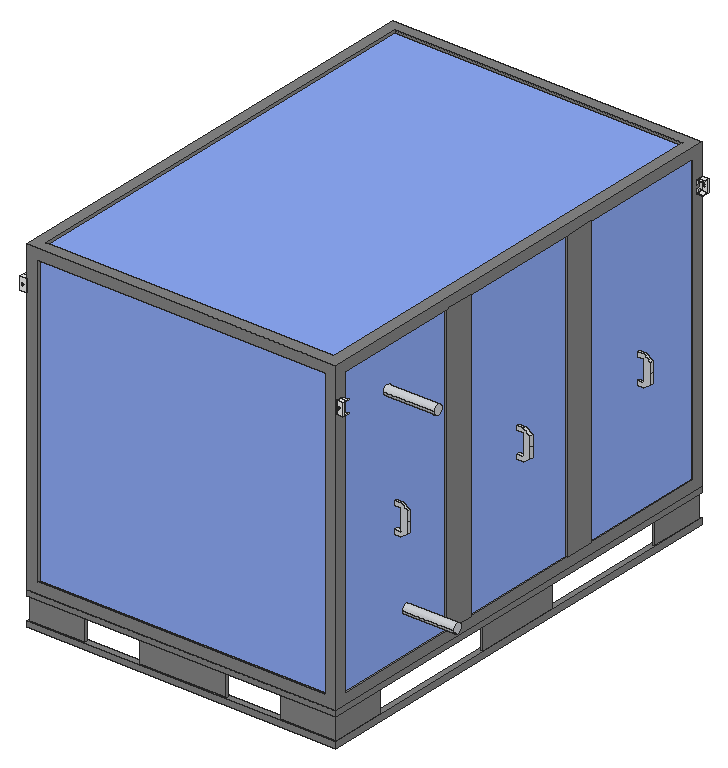
Revit family "26 Секция фильтра с водонагревателем ANR N5", category Оборудование, Revit 2016
Family settings
  Тип детали = Нормальный
  Размер круглого соединителя = Использовать диаметр
  На основе рабочей плоскости = Нет
  Всегда вертикально = Да
  При загрузке вырезать с полостями = Нет
  Общий = Нет
  Точка расчета площади = Нет
Parameters (values of type "ANR 6 N5")
  №8 = no
  №7 = no
  №6 = yes
  №45 = no
  №40 = no
  №35 = no
  №30 = no
  №25 = no
  №20 = no
  №12 = no
  Ширина = А - 75 mm  # 1025 mm
  Синий = Синий
  Середина = h + Б1 / 2  # 670 mm
  Резьбовое соединение, дюймы = "G1 1/4\""
  Размер В = 735 mm
  Д3 = Д1 / 6  # 267.5 mm
  Д2 = Д1 / 3  # 535 mm
  Д1 = Д - 20 mm  # 1605 mm
  Д = 1625 mm  # constant formula
  ножки(да/нет) [instance] = no
  Г = 85 mm
  Высота = Б - 75 mm  # 1025 mm
  Б1 = Б - 20 mm  # 1080 mm
  А1 = А - 20 mm  # 1080 mm
  А = 1100 mm
  высота ножек = 120 mm
  Б = 1100 mm
  Частотный преобразователь [instance] = no
  Частота вращения n, об/мин = ""
  Тип, марка, обозначение = "ANR 6 N5"
  Сила тока J, А = ""
  Регулятор расхода [instance] = no
  Раздел = "ОВ"
  Примечание = ""
  Позиция = ""
  Напряжение U,В = ""
  Наименование и тех.хар-ка = "Секция фильтрования EU5 и водяного нагрева"  # constant formula
  Мощность двигателя N,Вт = ""
  Материал = Сталь серая
  Масса единицы = ""
  Код, оборудования = ""
  Ключевая пометка = "Вентиляция"
  Задание электрикам [instance] = no
  Задание автоматчикам [instance] = no
  Завод изготовитель = "KORF"  # constant formula
  Единица измерения = "шт."  # constant formula
  h = высота ножек + 10 mm  # 130 mm
  d = 31.8 mm
Types (10, lengths in mm): name | №8 | №7 | №6 | №45 | №40 | №35 | №30 | №25 | №20 | №12 | Ширина | Середина | Резьбовое соединение, дюймы | Размер В | Г | Высота | Б1 | А1 | А | Б | Тип, марка, обозначение | d
  ANR 6 N5 | no | no | yes | no | no | no | no | no | no | no | 1025 | 670 | "G1 1/4\"" | 735 | 85 | 1025 | 1080 | 1080 | 1100 | 1100 | "ANR 6 N5" | 31.8
  ANR 7 N5 | no | yes | no | no | no | no | no | no | no | no | 1025 | 780 | "G1 1/2\"" | 985 | 85 | 1245 | 1300 | 1080 | 1100 | 1320 | "ANR 7 N5" | 38.1
  ANR 8 N5 | yes | no | no | no | no | no | no | no | no | no | 1245 | 780 | "G1 1/2\"" | 985 | 85 | 1245 | 1300 | 1300 | 1320 | 1320 | "ANR 8 N5" | 38.1
  ANR 12 N5 | no | no | no | no | no | no | no | no | no | yes | 1360 | 837.5 | "G2\"" | 1060 | 85 | 1360 | 1415 | 1415 | 1435 | 1435 | "ANR 12 N5" | 50.8
  ANR 20 N5 | no | no | no | no | no | no | no | no | yes | no | 1585 | 950 | "G2\"" | 1355 | 85 | 1585 | 1640 | 1640 | 1660 | 1660 | "ANR 20 N5" | 50.8
  ANR 25 N5 | no | no | no | no | no | no | no | yes | no | no | 1970 | 1142.5 | "G2 1/2\"" | 1740 | 85 | 1970 | 2025 | 2025 | 2045 | 2045 | "ANR 25 N5" | 63.5
  ANR 30 N5 | no | no | no | no | no | no | yes | no | no | no | 2410 | 1142.5 | "G2 1/2\"" | 1685 | 100 | 1970 | 2025 | 2465 | 2485 | 2045 | "ANR 30 N5" | 63.5
  ANR 35 N5 | no | no | no | no | no | yes | no | no | no | no | 2410 | 1362.5 | "G3\"" | 2125 | 125 | 2410 | 2465 | 2465 | 2485 | 2485 | "ANR 35 N5" | 76.2
  ANR 40 N5 | no | no | no | no | yes | no | no | no | no | no | 3245 | 1780 | "G4\"" | 1355 | 100 | 3245 | 3300 | 3300 | 3320 | 3320 | "ANR 40 N5" | 101.6
  ANR 45 N5 | no | no | no | yes | no | no | no | no | no | no | 3245 | 2165 | "G4\"" | 1740 | 125 | 4015 | 4070 | 3300 | 3320 | 4090 | "ANR 45 N5" | 101.6
Reference planes
  plane 1 "По центру (Вперед/Назад)": y = 0
  plane 2: z = 0
  plane 3 "По центру (Влево/Вправо)": x = 0
  plane 4: x = -540
  plane 5: x = 540
  plane 6: y = 802.5
  plane 7: y = -802.5
  plane 8: z = 1210
  plane 9: z = 130
  plane 10: y = -152
  plane 11: z = 670
  plane 12: z = 1110
  plane 13: x = 574.5
  plane 14: x = 590
  plane 15: z = 1220
  plane 16: z = 1037.5
  plane 17: z = 302.5
  plane 18: x = 725
  plane 19: y = -577.5
  plane 20: y = -492.5
  plane 21: y = -267.5
  plane 22: y = 267.5
  plane 23: y = -215.5
  plane 24: y = -319.474
  plane 25: y = 215.5
  plane 26: y = 319.5
  plane 27: y = 535
  plane 28: y = -535
  plane 29: x = 550
Forms (mm)
  Extrusion 1, solid, material "Синий" <- "Синий", detail levels fine
    sketch origin (0, 0, 50) x (1, 0, 0) y (0, 1, 0)
      loop
        line (-540, 802.5) -> (-540, -802.5) -> (540, -802.5) -> (540, 802.5) -> (-540, 802.5)
    from 80 to 1160
  Sweep 2, solid, material "Сталь серая" <- "Материал", detail levels fine
    path origin (540, -802.5, 50) x (-1, 0, 0) y (0, 0, -1)
      loop
        line (0, -1160) -> (1080, -1160) -> (1080, -80) -> (0, -80) -> (0, -1160)
    profile "Профиль уголок 10х10 : Профиль уголок 10х10" origin (0, -802.5, 1210) x (0, 0, -1) y (0, -1, 0)
      loop
        line (0, -27.5) -> (0, 0) -> (27.5, 0) -> (27.5, 10) -> (-10, 10) -> (-10, -27.5) -> (0, -27.5)
  Sweep 3, solid, material "Сталь серая" <- "Материал", detail levels fine
    path origin (-540, 802.5, 50) x (1, 0, 0) y (0, 0, -1)
      loop
        line (0, -1160) -> (1080, -1160) -> (1080, -80) -> (0, -80) -> (0, -1160)
    profile "Профиль уголок 10х10 : Профиль уголок 10х10" origin (0, 802.5, 1210) x (0, 0, -1) y (0, 1, 0)
      loop
        line (0, -27.5) -> (0, 0) -> (27.5, 0) -> (27.5, 10) -> (-10, 10) -> (-10, -27.5) -> (0, -27.5)
  Sweep 4, solid, material "Сталь серая" <- "Материал", detail levels fine
    path origin (540, 802.5, 50) x (0, -1, 0) y (0, 0, -1)
      loop
        line (0, -1160) -> (1605, -1160) -> (1605, -80) -> (0, -80) -> (0, -1160)
    profile "Профиль уголок 10х10 : Профиль уголок 10х10" origin (540, 0, 1210) x (0, 0, -1) y (1, 0, 0)
      loop
        line (0, -27.5) -> (0, 0) -> (27.5, 0) -> (27.5, 10) -> (-10, 10) -> (-10, -27.5) -> (0, -27.5)
  Sweep 5, solid, material "Сталь серая" <- "Материал", detail levels fine
    path origin (-540, -802.5, 50) x (0, 1, 0) y (0, 0, -1)
      loop
        line (0, -1160) -> (1605, -1160) -> (1605, -80) -> (0, -80) -> (0, -1160)
    profile "Профиль уголок 10х10 : Профиль уголок 10х10" origin (-540, 0, 1210) x (0, 0, -1) y (-1, 0, 0)
      loop
        line (0, -27.5) -> (0, 0) -> (27.5, 0) -> (27.5, 10) -> (-10, 10) -> (-10, -27.5) -> (0, -27.5)
  Extrusion 6, void, not visible
    sketch origin (-345, -245, 50) x (0, -1, 0) y (0, 0, -1)
      loop
        line (-477.965, -475) -> (-477.965, -450) -> (-528.913, -450) -> (-528.913, -475) -> (-477.965, -475)
    from -47.452 to 12
  Sweep 7, solid, material "Сталь серая" <- "Материал", detail levels fine
    path origin (0, 0, 0) x (1, 0, 0) y (0, 1, 0)
      loop
        line (-540, 802.5) -> (-540, -802.5) -> (540, -802.5) -> (540, 802.5) -> (-540, 802.5)
    profile "Семейство1 : Семейство1" origin (0, 802.5, 0) x (0, 1, 0) y (0, 0, 1)
      loop
        line (-10, 120) -> (-10, 100) -> (-3.38, 100) -> (-3.38, 20) -> (-10, 20) -> (-10, 0) -> (10, 0) -> (10, 20) -> (3.38, 20) -> (3.38, 100) -> (10, 100) -> (10, 120) -> (-10, 120)
  Extrusion 8, void
    sketch origin (0, 0, 0) x (1, 0, 0) y (0, 0, 1)
      loop
        line (152.369, 100) -> (152.369, 20) -> (348.798, 20) -> (348.798, 100) -> (152.369, 100)
      loop
        line (-152.369, 100) -> (-348.798, 100) -> (-348.798, 20) -> (-152.369, 20) -> (-152.369, 100)
    from -812.5 to 812.5
  Extrusion 9, void
    sketch origin (0, 0, 0) x (0, 1, 0) y (0, 0, 1)
      loop
        line (-152.418, 100) -> (-611.155, 100) -> (-611.155, 20) -> (-152.418, 20) -> (-152.418, 100)
      loop
        line (152.418, 100) -> (152.418, 20) -> (611.155, 20) -> (611.155, 100) -> (152.418, 100)
    from -550 to 1700
  Extrusion 10, solid, material "Сталь серая" <- "Материал", detail levels fine
    sketch origin (560, -260, 0) x (0, 1, 0) y (0, 0, 1)
      loop
        line (-59.474, 1182.5) -> (-59.474, 157.5) -> (44.5, 157.5) -> (44.5, 1182.5) -> (-59.474, 1182.5)
    from -10 to -20
  Extrusion 11, solid, detail levels fine
    sketch origin (0, 0, 0) x (0, 1, 0) y (0, 0, 1)
      loop
        circle (-577.5, 1037.5) r 15.9
    from 540 to 725
  Extrusion 12, solid, detail levels fine
    sketch origin (0, 0, 0) x (0, 1, 0) y (0, 0, 1)
      loop
        circle (-492.5, 302.5) r 15.9
    from 540 to 725
  Extrusion 13, solid, material "Сталь серая" <- "Материал", detail levels fine
    sketch origin (560, 262.3, -4.8) x (0, 1, 0) y (0, 0, 1)
      loop
        line (-46.8, 1187.3) -> (-46.8, 162.3) -> (57.2, 162.3) -> (57.2, 1187.3) -> (-46.8, 1187.3)
    from -10 to -20
Cuts and joins
  joined: Sweep 2, Sweep 3, Sweep 4, Sweep 5
  Extrusion 8, Extrusion 9 cuts Sweep 7
Lines and regions (mm)
  model lines, detail levels coarse
    curve 1: line (-550, 812.5, 0) -> (550, 812.5, 0)
    curve 2: line (-550, -812.5, 0) -> (-550, 812.5, 0)
    curve 3: line (550, -812.5, 0) -> (-550, -812.5, 0)
    curve 4: line (550, 812.5, 0) -> (550, -812.5, 0)
    curve 5: line (-550, -215.5, 0) -> (550, -215.5, 0)
    curve 6: line (-550, 267.5, 0) -> (550, 267.5, 0)
    curve 7: circle (0, -535, 0) r 140 normal (0, 0, 1)
    curve 8: line (0, -395, 0) -> (0, -675, 0)
    curve 9: line (-140, -535, 0) -> (140, -535, 0)
    curve 10: line (-510.233, 103.038, 0) -> (-485.233, 103.038, 0)
    curve 11: line (-485.233, 103.038, 0) -> (-434.619, -116.196, 0)
    curve 12: line (-434.619, -116.196, 0) -> (-354.619, -116.196, 0)
    curve 13: line (-304.005, 103.038, 0) -> (-354.619, -116.196, 0)
    curve 14: line (-304.005, 103.038, 0) -> (-279.005, 103.038, 0)
    curve 15: line (-279.005, 103.038, 0) -> (-228.391, -116.196, 0)
    curve 16: line (-228.391, -116.196, 0) -> (-148.391, -116.196, 0)
    curve 17: line (-97.777, 103.038, 0) -> (-148.391, -116.196, 0)
    curve 18: line (-97.777, 103.038, 0) -> (-72.777, 103.038, 0)
    curve 19: line (-72.777, 103.038, 0) -> (-22.163, -116.196, 0)
    curve 20: line (-22.163, -116.196, 0) -> (57.837, -116.196, 0)
    curve 21: line (108.451, 103.038, 0) -> (57.837, -116.196, 0)
    curve 22: line (108.451, 103.038, 0) -> (133.451, 103.038, 0)
    curve 23: line (133.451, 103.038, 0) -> (184.065, -116.196, 0)
    curve 24: line (184.065, -116.196, 0) -> (264.065, -116.196, 0)
    curve 25: line (314.679, 103.038, 0) -> (264.065, -116.196, 0)
    curve 26: line (314.679, 103.038, 0) -> (339.679, 103.038, 0)
    curve 27: line (339.679, 103.038, 0) -> (390.293, -116.196, 0)
    curve 28: line (390.293, -116.196, 0) -> (470.293, -116.196, 0)
    curve 29: line (520.907, 103.038, 0) -> (470.293, -116.196, 0)
  model lines, not visible, detail levels coarse
    curve 30: line (-510.233, 103.038, 0) -> (-485.233, 103.038, 0)
    curve 31: line (-485.233, 103.038, 0) -> (-434.619, -116.196, 0)
    curve 32: line (-434.619, -116.196, 0) -> (-354.619, -116.196, 0)
    curve 33: line (-304.005, 103.038, 0) -> (-354.619, -116.196, 0)
    curve 34: line (-304.005, 103.038, 0) -> (-279.005, 103.038, 0)
    curve 35: line (-279.005, 103.038, 0) -> (-228.391, -116.196, 0)
    curve 36: line (-228.391, -116.196, 0) -> (-148.391, -116.196, 0)
    curve 37: line (-97.777, 103.038, 0) -> (-148.391, -116.196, 0)
    curve 38: line (-97.777, 103.038, 0) -> (-72.777, 103.038, 0)
    curve 39: line (-72.777, 103.038, 0) -> (-22.163, -116.196, 0)
    curve 40: line (-22.163, -116.196, 0) -> (57.837, -116.196, 0)
    curve 41: line (108.451, 103.038, 0) -> (57.837, -116.196, 0)
    curve 42: line (108.451, 103.038, 0) -> (133.451, 103.038, 0)
    curve 43: line (133.451, 103.038, 0) -> (184.065, -116.196, 0)
    curve 44: line (184.065, -116.196, 0) -> (264.065, -116.196, 0)
    curve 45: line (314.679, 103.038, 0) -> (264.065, -116.196, 0)
    curve 46: line (314.679, 103.038, 0) -> (339.679, 103.038, 0)
    curve 47: line (339.679, 103.038, 0) -> (390.293, -116.196, 0)
    curve 48: line (390.293, -116.196, 0) -> (470.293, -116.196, 0)
    curve 49: line (520.907, 103.038, 0) -> (470.293, -116.196, 0)
  model lines, detail levels medium
    curve 50: line (0, 812.5, 1210) -> (0, -812.5, 1210)
    curve 51: line (0, 812.5, 130) -> (0, 812.5, 1210)
    curve 52: line (0, -812.5, 130) -> (0, 812.5, 130)
    curve 53: line (0, -812.5, 1210) -> (0, -812.5, 130)
    curve 54: line (0, 267.5, 1220) -> (0, 267.5, 130)
    curve 55: line (0, -267.5, 1220) -> (0, -267.5, 130)
    curve 56: circle (0, -535, 670) r 170 normal (1, 0, 0)
    curve 57: line (0, -535, 840) -> (0, -535, 500)
    curve 58: line (0, -365, 670) -> (0, -705, 670)
    curve 59: line (0, -141.195, 1178.378) -> (0, -141.195, 1153.378)
    curve 60: line (0, -141.195, 1153.378) -> (0, 55.767, 1118.648)
    curve 61: line (0, 55.767, 1118.648) -> (0, 55.767, 1043.648)
    curve 62: line (0, -141.195, 1008.919) -> (0, 55.767, 1043.648)
    curve 63: line (0, -141.195, 1008.919) -> (0, -141.195, 983.919)
    curve 64: line (0, -141.195, 983.919) -> (0, 55.767, 949.189)
    curve 65: line (0, 55.767, 949.189) -> (0, 55.767, 874.189)
    curve 66: line (0, -141.195, 839.459) -> (0, 55.767, 874.189)
    curve 67: line (0, -141.195, 839.459) -> (0, -141.195, 814.459)
    curve 68: line (0, -141.195, 814.459) -> (0, 55.767, 779.73)
    curve 69: line (0, 55.767, 779.73) -> (0, 55.767, 704.73)
    curve 70: line (0, -141.195, 670) -> (0, 55.767, 704.73)
    curve 71: line (0, -141.195, 670) -> (0, -141.195, 645)
    curve 72: line (0, -141.195, 645) -> (0, 55.767, 610.27)
    curve 73: line (0, 55.767, 610.27) -> (0, 55.767, 535.27)
    curve 74: line (0, -141.195, 500.541) -> (0, 55.767, 535.27)
    curve 75: line (0, -141.195, 500.541) -> (0, -141.195, 475.541)
    curve 76: line (0, -141.195, 475.541) -> (0, 55.767, 440.811)
    curve 77: line (0, 55.767, 440.811) -> (0, 55.767, 365.811)
    curve 78: line (0, -141.195, 331.081) -> (0, 55.767, 365.811)
    curve 79: line (0, -141.195, 331.081) -> (0, -141.195, 306.081)
    curve 80: line (0, -141.195, 306.081) -> (0, 55.767, 271.352)
    curve 81: line (0, 55.767, 271.352) -> (0, 55.767, 196.352)
    curve 82: line (0, -141.195, 161.622) -> (0, 55.767, 196.352)
  model lines, not visible, detail levels medium
    curve 83: line (0, -141.195, 1193.069) -> (0, -141.195, 1168.069)
    curve 84: line (0, -141.195, 1168.069) -> (0, 55.767, 1133.34)
    curve 85: line (0, 55.767, 1133.34) -> (0, 55.767, 1058.34)
    curve 86: line (0, -141.195, 1023.61) -> (0, 55.767, 1058.34)
    curve 87: line (0, -141.195, 1023.61) -> (0, -141.195, 998.61)
    curve 88: line (0, -141.195, 998.61) -> (0, 55.767, 963.88)
    curve 89: line (0, 55.767, 963.88) -> (0, 55.767, 888.88)
    curve 90: line (0, -141.195, 854.151) -> (0, 55.767, 888.88)
    curve 91: line (0, -141.195, 854.151) -> (0, -141.195, 829.151)
    curve 92: line (0, -141.195, 829.151) -> (0, 55.767, 794.421)
    curve 93: line (0, 55.767, 794.421) -> (0, 55.767, 719.421)
    curve 94: line (0, -141.195, 684.692) -> (0, 55.767, 719.421)
    curve 95: line (0, -141.195, 684.692) -> (0, -141.195, 659.692)
    curve 96: line (0, -141.195, 659.692) -> (0, 55.767, 624.962)
    curve 97: line (0, 55.767, 624.962) -> (0, 55.767, 549.962)
    curve 98: line (0, -141.195, 515.232) -> (0, 55.767, 549.962)
    curve 99: line (0, -141.195, 515.232) -> (0, -141.195, 490.232)
    curve 100: line (0, -141.195, 490.232) -> (0, 55.767, 455.503)
    curve 101: line (0, 55.767, 455.503) -> (0, 55.767, 380.503)
    curve 102: line (0, -141.195, 345.773) -> (0, 55.767, 380.503)
    curve 103: line (0, -141.195, 345.773) -> (0, -141.195, 320.773)
    curve 104: line (0, -141.195, 320.773) -> (0, 55.767, 286.043)
    curve 105: line (0, 55.767, 286.043) -> (0, 55.767, 211.043)
    curve 106: line (0, -141.195, 176.314) -> (0, 55.767, 211.043)
Dimensions and locks
  equal spacing: plane 6, plane 1 "По центру (Вперед/Назад)", plane 7
  "Д1": plane 6 to plane 7
  equal spacing: plane 4, plane 3 "По центру (Влево/Вправо)", plane 5
  "А1": plane 4 to plane 5
  "h": plane 9 to level
  "Б1": plane 8 to plane 9
  cut or joined group of Sweep 2, Sweep 3, Sweep 4, Sweep 5 to level = 120 mm
  locked: plane 3 "По центру (Влево/Вправо)" to cut or joined group of Sweep 7, Extrusion 8, Extrusion 9 at 152.369
  locked: cut or joined group of Sweep 7, Extrusion 8, Extrusion 9 to plane 3 "По центру (Влево/Вправо)" at 152.369
  locked: plane 1 "По центру (Вперед/Назад)" to plane 10 at 152
  "Середина": plane 11 to level
  Extrusion 10 sketch curve to Extrusion 10 sketch curve to plane 1 "По центру (Вперед/Назад)" = 103.974 mm, 215.5 mm
  locked: plane 8 to plane 12 at 100
  plane 13 to Extrusion 10 = 34.5 mm
  locked: plane 14 to plane 5 at 50
  plane 1 "По центру (Вперед/Назад)" to plane 7 = 802.5 mm
  plane 6 to plane 1 "По центру (Вперед/Назад)" = 802.5 mm
  locked: plane 15 to plane 8 at 10
  equal spacing: plane 16, plane 11, plane 17
  "Размер В": plane 16 to plane 17
  locked: plane 18 to plane 5 at 185
  "Г": plane 19 to plane 20
  "Д2": plane 7 to plane 21
  "Д2": plane 22 to plane 6
  plane 24 to plane 21 to plane 23 = 51.974 mm locked, 52 mm locked
  Extrusion 13 sketch curve to Extrusion 13 sketch curve = 104 mm
  plane 25 to plane 22 to plane 26 = 52 mm locked, 52 mm locked
  "Д3": plane 27 to plane 6
  "Д3": plane 7 to plane 28
  equal spacing: plane 19, plane 28, plane 20
  locked: plane 29 to plane 5 at 10
  "d": diameter of Extrusion 11 sketch curve
  "d": diameter of Extrusion 12 sketch curve
  aligned and locked: level to plane 2
  aligned and locked: plane 6 to Extrusion 1
  aligned and locked: Extrusion 1 to plane 5
  aligned and locked: Extrusion 1 to plane 7
  aligned and locked: Extrusion 1 to plane 4
  aligned and locked: plane 8 to Extrusion 1
  aligned and locked: Extrusion 1 to plane 9
  aligned and locked: Sweep 4 sketch curve to Extrusion 1  (x2)
  aligned and locked: Sweep 5 sketch curve to Extrusion 1  (x2)
  aligned and locked: Sweep 7 sketch curve to Extrusion 1  (x4)
  aligned and locked: Sweep 7 to Extrusion 8  (x2)
  aligned and locked: cut or joined group of Sweep 2, Sweep 3, Sweep 4, Sweep 5 to Extrusion 9
  aligned and locked: Extrusion 10 to cut or joined group of Sweep 2, Sweep 3, Sweep 4, Sweep 5  (x4)
  aligned and locked: nested 3 to cut or joined group of Sweep 2, Sweep 3, Sweep 4, Sweep 5  (x2)
  aligned and locked: nested 3 to plane 12
  aligned and locked: nested 4 to plane 12
  aligned and locked: cut or joined group of Sweep 2, Sweep 3, Sweep 4, Sweep 5 to nested 4  (x2)
  aligned and locked: cut or joined group of Sweep 2, Sweep 3, Sweep 4, Sweep 5 to nested 3
  aligned and locked: cut or joined group of Sweep 2, Sweep 3, Sweep 4, Sweep 5 to nested 6
  aligned and locked: nested 5 to cut or joined group of Sweep 2, Sweep 3, Sweep 4, Sweep 5
  aligned and locked: plane 12 to nested 6
  aligned and locked: plane 12 to nested 5
  aligned and locked: Extrusion 10 to Extrusion 1
  aligned and locked: nested 2 to plane 14
  aligned and locked: nested 6 to cut or joined group of Sweep 2, Sweep 3, Sweep 4, Sweep 5
  aligned and locked: cut or joined group of Sweep 2, Sweep 3, Sweep 4, Sweep 5 to nested 5
  aligned and locked: nested 2 to plane 11  (x2)
  aligned and locked: nested 7 to plane 11  (x2)
  aligned and locked: nested 7 to plane 14  (x2)
  aligned and locked: plane 18 to Extrusion 11
  aligned and locked: Extrusion 11 to plane 5
  aligned and locked: plane 18 to Extrusion 12
  aligned and locked: Extrusion 12 to plane 5
  aligned and locked: plane 24 to Extrusion 10
  aligned and locked: Extrusion 10 to plane 23
  aligned and locked: plane 25 to Extrusion 13
  aligned and locked: Extrusion 13 to plane 26
  aligned and locked: Extrusion 13 to cut or joined group of Sweep 2, Sweep 3, Sweep 4, Sweep 5  (x2)
  aligned and locked: nested 7 to plane 27
  aligned and locked: nested 2 to plane 28
  aligned and locked: plane 1 "По центру (Вперед/Назад)" to nested 8
  aligned and locked: nested 8 to plane 11
  aligned and locked: nested 8 to plane 14
  aligned and locked: plane 14 to nested 7
  aligned and locked: Extrusion 13 to Extrusion 10
  aligned and locked: Extrusion 13 to plane 5
  aligned and locked: Extrusion 10 to plane 29
  aligned and locked: curve 1 to cut or joined group of Sweep 2, Sweep 3, Sweep 4, Sweep 5
  aligned and locked: curve 2 to cut or joined group of Sweep 2, Sweep 3, Sweep 4, Sweep 5
  aligned and locked: curve 3 to cut or joined group of Sweep 7, Extrusion 8, Extrusion 9
  aligned and locked: curve 4 to cut or joined group of Sweep 2, Sweep 3, Sweep 4, Sweep 5
  aligned and locked: plane 23 to curve 5
  aligned and locked: curve 6 to plane 22
  aligned and locked: plane 8 to curve 50
  aligned and locked: cut or joined group of Sweep 2, Sweep 3, Sweep 4, Sweep 5 to curve 51
  aligned and locked: curve 52 to plane 9
  aligned and locked: cut or joined group of Sweep 2, Sweep 3, Sweep 4, Sweep 5 to curve 53
  aligned and locked: curve 54 to plane 22
  aligned and locked: curve 55 to plane 21
  aligned and locked: curve 57 to plane 28
  aligned and locked: plane 11 to curve 71
Automatic sketch dimensions
  Extrusion 6 sketch curve to Extrusion 6 sketch curve = 50.949 mm
  Extrusion 6 sketch curve to Extrusion 6 sketch curve = 25 mm
  curve 58 to plane 11 = 0 mm
  curve 56 to plane 11 = 0 mm
  curve 56 to plane 28 = 0 mm
  curve 54 to plane 15 = 0 mm
  curve 55 to plane 15 = 0 mm
  plane 7 to curve 58 = 97.5 mm
  curve 9 to plane 28 = 0 mm
  curve 8 to plane 3 "По центру (Влево/Вправо)" = 0 mm
  curve 7 to plane 3 "По центру (Влево/Вправо)" = 0 mm
  curve 7 to plane 28 = 0 mm
  curve 9 to curve 7 = 140 mm
  Extrusion 1 sketch curve to plane 4 = 0 mm
  Extrusion 1 sketch curve to plane 5 = 0 mm
  Extrusion 1 sketch curve to plane 7 = 0 mm
  Extrusion 1 sketch curve to plane 6 = 0 mm
  Sweep 2 sketch curve to Extrusion 1 = 0 mm  (x4)
  Sweep 3 sketch curve to Extrusion 1 = 0 mm  (x3)
  Extrusion 1 to Sweep 3 sketch curve = 0 mm
  Sweep 4 sketch curve to Extrusion 1 = 0 mm  (x2)
  Sweep 5 sketch curve to Extrusion 1 = 0 mm  (x2)
  Extrusion 8 sketch curve to plane 9 = 30 mm  (x2)
  plane 4 to Extrusion 8 sketch curve = 191.202 mm
  level to Extrusion 8 sketch curve = 20 mm  (x2)
  Extrusion 8 sketch curve to plane 3 "По центру (Влево/Вправо)" = 152.369 mm
  plane 3 "По центру (Влево/Вправо)" to Extrusion 8 sketch curve = 152.369 mm
  Extrusion 8 sketch curve to plane 5 = 191.202 mm
  Extrusion 9 sketch curve to plane 19 = 33.655 mm
  Extrusion 9 sketch curve to plane 10 = 0.418 mm
  Extrusion 9 sketch curve to plane 9 = 30 mm  (x2)
  plane 25 to Extrusion 9 sketch curve = 63.082 mm
  plane 27 to Extrusion 9 sketch curve = 76.155 mm
  level to Extrusion 9 sketch curve = 20 mm  (x2)
  plane 9 to Extrusion 10 sketch curve = 27.5 mm
  Extrusion 10 sketch curve to plane 8 = 27.5 mm
  Extrusion 13 sketch curve to plane 25 = 0 mm
  plane 9 to Extrusion 13 sketch curve = 27.5 mm
  Extrusion 13 sketch curve to plane 8 = 27.5 mm
  Extrusion 11 sketch curve to plane 16 = 0 mm
  Extrusion 11 sketch curve to plane 19 = 0 mm
  Extrusion 12 sketch curve to plane 17 = 0 mm
  Extrusion 12 sketch curve to plane 20 = 0 mm
Nested families
  nested 1: "крепление 15мм" at (-330, 229.965, 495), type "крепление 15мм", not visible
  nested 2: "Ручка" at (552.018, -545, 621.108), type "Ручка", detail levels fine
  nested 3: "крепеж" at (574.5, -812.5, 1065.175) x (-1, 0, 0) z (0, 0, 1), type "крепеж", detail levels fine
  nested 4: "крепеж" at (574.5, 812.5, 1065.175) x (-1, 0, 0) z (0, 0, 1), type "крепеж", detail levels fine
  nested 5: "крепеж" at (-574.5, -812.5, 1065.175), type "крепеж", detail levels fine
  nested 6: "крепеж" at (-574.5, 812.5, 1065.175), type "крепеж", detail levels fine
  nested 7: "Ручка" at (552.018, 535, 621.108), type "Ручка", detail levels fine
  nested 8: "Ручка" at (552.018, 0, 621.108), type "Ручка", detail levels fine
Connectors
  piping at (725, -577.5, 1037.5), diameter 31.8, driven by "d"
    settings: on Extrusion 11, index 1, connector inside diameter 609.6 mm, connector length 0 mm, flow factor 0, pipe flow 0.0 L/s, pressure drop 0.0 Pa, fitting loss kfactor 0, connector angle 0.00°, fixture units 0, engagement length 0 mm, angle of deflection 0.00°, flow configuration 0, flow direction 0, fitting loss method 0, system type 28, joint type 0, gender type 0, connector reference index -1, connector utility 0, adjustable connector no, is connector primary yes, connector description ""
  piping at (725, -492.5, 302.5), diameter 31.8, driven by "d"
    settings: on Extrusion 12, index 2, connector inside diameter 609.6 mm, connector length 0 mm, flow factor 0, pipe flow 0.0 L/s, pressure drop 0.0 Pa, fitting loss kfactor 0, connector angle 0.00°, fixture units 0, engagement length 0 mm, angle of deflection 0.00°, flow configuration 0, flow direction 0, fitting loss method 0, system type 28, joint type 0, gender type 0, connector reference index -1, connector utility 0, adjustable connector no, is connector primary no, connector description ""
  hvac at (0, -812.5, 670), driven by "Ширина", driven by "Высота"
    settings: on cut or joined group of Sweep 2, Sweep 3, Sweep 4, Sweep 5, index 3, duct flow 0.0 L/s, flow factor 0, pres drop 0.0 Pa, loss coef 0, conn angle 0.00°, conn width 1025 mm, conn height 1025 mm, conn diameter 609.6 mm, duct sys type 3, conn prof type 1, flow config 0, flow direction 0, loss method 0, conn ref index 4, conn util no, is conn primary yes, conn desc ""
  hvac at (0, 812.5, 670), driven by "Ширина", driven by "Высота"
    settings: on cut or joined group of Sweep 2, Sweep 3, Sweep 4, Sweep 5, index 4, duct flow 0.0 L/s, flow factor 0, pres drop 0.0 Pa, loss coef 0, conn angle 0.00°, conn width 1025 mm, conn height 1025 mm, conn diameter 609.6 mm, duct sys type 3, conn prof type 1, flow config 0, flow direction 0, loss method 0, conn ref index 3, conn util no, is conn primary no, conn desc ""
Definition of nested family "крепление 15мм"
  Parameters (values of type "крепление 15мм")
    Материал крепления = none
  Reference planes
    plane 1 "По центру (Вперед/Назад)": y = 0
    plane 2: z = 0
    plane 3 "По центру (Влево/Вправо)": x = 0
  Forms (mm)
    Extrusion 1, solid, material <- "Материал крепления"
      sketch origin (0, 0, 0) x (1, 0, 0) y (0, 1, 0)
        loop
          line (-25, 0) -> (0, 0) -> (0, 18.31) -> (0, 25) -> (-3, 25) -> (-3, 3) -> (-25, 3) -> (-25, 0)
      from 0 to 30
    Extrusion 2, void
      sketch origin (0, 0, 0) x (1, 0, 0) y (0, 1, 0)
        loop
          line (-3, 3) -> (-3, 54.96) -> (-58, 54.96) -> (-58, 3) -> (-3, 3)
      from 0 to 15
  Cuts and joins
    Extrusion 2 cuts Extrusion 1
  Dimensions and locks
    Extrusion 1 sketch curve to Extrusion 1 sketch curve = 3 mm  (x2)
    Extrusion 1 sketch curve to Extrusion 1 sketch curve to plane 3 "По центру (Влево/Вправо)" = 25 mm, 0 mm
    Extrusion 1 sketch curve to Extrusion 1 sketch curve = 25 mm
    aligned and locked: level to plane 2
Definition of nested family "Ручка"
  Parameters (values of type "Ручка")
    материал ручки = none
  Reference planes
    plane 1 "По центру (Вперед/Назад)": y = 0
    plane 2: z = 0
    plane 3 "По центру (Влево/Вправо)": x = 0
    plane 4: x = -37.982
    plane 5: x = 37.982
  Forms (mm)
    Extrusion 1, solid, material <- "материал ручки", not visible
      sketch origin (-3.982, 0, -4.834) x (0, 0, 1) y (-1, 0, 0)
        loop
          line (-52.874, -42.815) -> (53.726, -42.815) -> (53.726, 8.783) -> (36.069, 34) -> (1.069, 34) -> (-36.069, 34) -> (-52.874, 10) -> (-52.874, -42.815)
      from 0 to 10
    Extrusion 2, void, not visible
      sketch origin (-3.982, 0, -4.834) x (0, 0, 1) y (-1, 0, 0)
        loop
          line (-37.219, -42.815) -> (37.781, -42.815) -> (37.781, 20.04) -> (-37.219, 20.04) -> (-37.219, -42.815)
      from 0 to 50
    Extrusion 3, solid, material <- "материал ручки"
      sketch origin (3.982, 0, -4.834) x (0, 0, 1) y (-1, 0, 0)
        loop
          line (-52.874, 42.815) -> (-52.874, -10) -> (-36.069, -34) -> (1.069, -34) -> (36.069, -34) -> (53.726, -8.783) -> (53.726, 42.815) -> (-52.874, 42.815)
      from 0 to 10
    Extrusion 4, void
      sketch origin (3.982, 0, -4.834) x (0, 0, 1) y (-1, 0, 0)
        loop
          line (-37.219, 42.815) -> (-37.219, -11.018) -> (37.781, -11.018) -> (37.781, 42.815) -> (-37.219, 42.815)
      from 0 to 50
  Cuts and joins
    Extrusion 4 cuts Extrusion 3
  Dimensions and locks
    aligned and locked: level to plane 2
Definition of nested family "крепеж"
  Parameters (values of type "крепеж")
    Материал крепежа = none
  Reference planes
    plane 1 "По центру (Вперед/Назад)": y = 0
    plane 2: z = 0
    plane 3 "По центру (Влево/Вправо)": x = 0
    plane 4: x = 24.5
    plane 5: z = 22.413
  Forms (mm)
    Extrusion 1, solid, material <- "Материал крепежа"
      sketch origin (0, 0, 0) x (0, 1, 0) y (0, 0, 1)
        loop
          line (0, 44.825) -> (-16.343, 44.825) -> (-24.468, 44.825) -> (-24.468, 42.95) -> (-1.968, 42.95) -> (-1.968, 1.657) -> (-24.468, 1.657) -> (-24.468, 0) -> (-16.343, 0) -> (0, 0) -> (0, 44.825)
      from 0 to 24.5
    Extrusion 2, void
      sketch origin (0.625, 0, -0.625) x (1, 0, 0) y (0, 0, 1)
        loop
          circle (11.121, 22.873) r 5
      from 0 to 250
    Extrusion 3, solid, material <- "Материал крепежа"
      sketch origin (0, 0, 0.175) x (1, 0, 0) y (0, 0, 1)
        loop
          line (24.5, 44.651) -> (22.651, 44.651) -> (22.651, -0.175) -> (24.5, -0.175) -> (24.5, 44.651)
      from 0 to 24.468
    Extrusion 4, void
      sketch origin (0, 0, 0) x (0, 1, 0) y (0, 0, 1)
        loop
          line (-24.468, 28.943) -> (-24.468, 15.882) -> (-9.468, 15.882) -> (-9.468, 28.943) -> (-24.468, 28.943)
      from 0 to 250
    Blend 5, solid
      base sketch origin (0, 0, 0) x (0, 1, 0) y (0, 0, 1)
        loop
          circle (-15.104, 36.823) r 4.161
      top sketch origin (0, 0, 0) x (0, 1, 0) y (0, 0, 1)
        loop
          circle (-15.104, 36.823) r 2.994
      from 22.651 to 19.241
    Blend 6, solid
      base sketch origin (0, 0, 44.825) x (0, 1, 0) y (0, 0, 1)
        loop
          circle (-15.104, -36.823) r 4.161
      top sketch origin (0, 0, 44.825) x (0, 1, 0) y (0, 0, 1)
        loop
          circle (-15.104, -36.823) r 2.994
      from 22.651 to 19.241
  Cuts and joins
    Extrusion 2, Extrusion 4 cuts Extrusion 1
    Extrusion 4 cuts Extrusion 3
    joined: Extrusion 1, Extrusion 3
  Dimensions and locks
    plane 3 "По центру (Влево/Вправо)" to plane 4 = 24.5 mm
    equal spacing: cut or joined group of Extrusion 1, Extrusion 2, Extrusion 3, Extrusion 4, plane 5, cut or joined group of Extrusion 1, Extrusion 2, Extrusion 3, Extrusion 4
    equal spacing: Extrusion 4 sketch curve, plane 5, Extrusion 4 sketch curve
    aligned and locked: level to plane 2
    aligned and locked: plane 4 to Extrusion 1
    aligned and locked: cut or joined group of Extrusion 1, Extrusion 2, Extrusion 3, Extrusion 4 to cut or joined group of Extrusion 1, Extrusion 2, Extrusion 3, Extrusion 4  (x3)
    aligned and locked: cut or joined group of Extrusion 1, Extrusion 2, Extrusion 3, Extrusion 4 to Blend 5
  Automatic sketch dimensions
    Extrusion 1 sketch curve to level = 0 mm
    Extrusion 1 sketch curve to plane 1 "По центру (Вперед/Назад)" = 0 mm
    plane 1 "По центру (Вперед/Назад)" to Extrusion 1 sketch curve = 1.968 mm
    Extrusion 1 sketch curve to Extrusion 1 sketch curve = 14.375 mm  (x2)
    level to Extrusion 1 sketch curve = 1.657 mm
    Extrusion 1 sketch curve to Extrusion 1 sketch curve = 8.125 mm  (x2)
    plane 5 to Extrusion 1 sketch curve = 20.538 mm
    Extrusion 1 sketch curve to Extrusion 1 sketch curve = 1.875 mm
    Extrusion 2 sketch curve to plane 5 = 0.165 mm
    plane 3 "По центру (Влево/Вправо)" to Extrusion 2 sketch curve = 11.746 mm
    Extrusion 3 sketch curve to level = 0 mm
    Extrusion 3 sketch curve to plane 4 = 0 mm
    Extrusion 3 sketch curve to Extrusion 3 sketch curve = 1.849 mm
    plane 5 to Extrusion 3 sketch curve = 22.413 mm
    Extrusion 4 sketch curve to plane 5 = 6.531 mm
    plane 1 "По центру (Вперед/Назад)" to Extrusion 4 sketch curve = 24.468 mm
    plane 1 "По центру (Вперед/Назад)" to Extrusion 4 sketch curve = 9.468 mm
    plane 1 "По центру (Вперед/Назад)" to Blend 5 sketch curve = 15.104 mm  (x2)
    plane 5 to Blend 5 sketch curve = 14.41 mm  (x2)
    Blend 6 sketch curve to plane 1 "По центру (Вперед/Назад)" = 15.104 mm  (x2)
    Blend 6 sketch curve to level = 8.002 mm  (x2)
    radius of Extrusion 2 sketch curve = 5 mm
    radius of Blend 5 sketch curve = 4.161 mm
    radius of Blend 5 sketch curve = 2.994 mm
    radius of Blend 6 sketch curve = 4.161 mm
    radius of Blend 6 sketch curve = 2.994 mm
